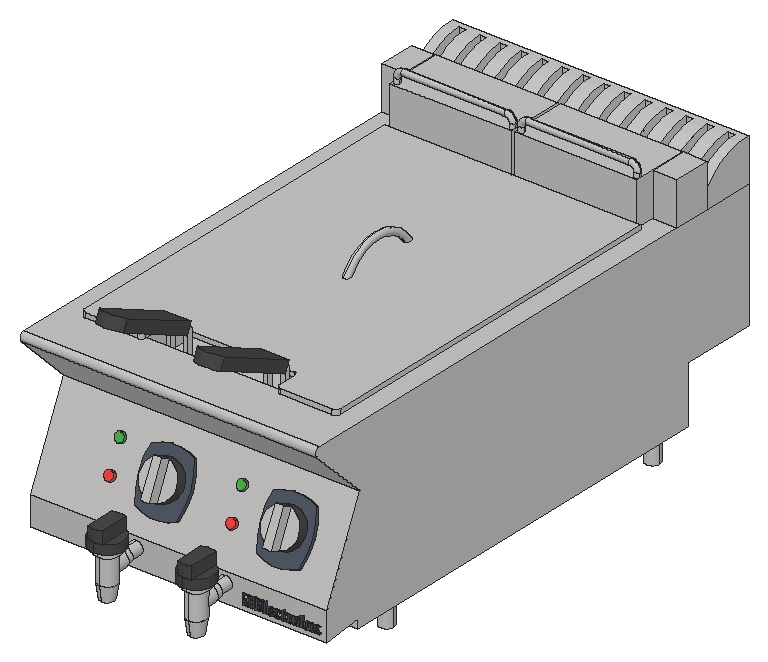
Revit family "QF_ELECTROLUXPROFESSIONAL_371139_E7FRED2A0N", category Specialty Equipment, Revit 2018
Family settings
  Round Connector Dimension = Use Diameter
  Part Type = Normal
  Work Plane-Based = No
  Always vertical = Yes
  Cut with Voids When Loaded = No
  Shared = No
  Room Calculation Point = No
Parameters
  Width = 400 mm  # constant formula
  Weight in Pounds = 44  # constant formula
  Watts = 9000 VA  # 9000 W
  Volts = 230 V  # constant formula
  URL Cutsheet = "www.electrolux.com/foodservice"
  URL = "www.electrolux.com/foodservice"
  Type Mark [instance] = ""
  Status [instance] = ""
  Specification by User [instance] = ""
  Specification by Manufacturer = ""
  Show Logo [instance] = yes
  Show Clearance [instance] = yes
  Serial Number = ""
  Seismic Rating = ""
  SMACNA No = ""
  Revision Code [instance] = ""
  Phase = 3  # constant formula
  Omniclass Number and Title = ""
  Number of Poles [instance] = 1
  NAFEM Spec ID Number = ""
  Model = "371139"
  Min Ckt Ampacity = 0 A
  Max Overcurrent Protection = 0 A
  Masterspec = ""
  Manufacturer = "ELECTROLUX"
  Item Number [instance] = ""
  Installed By [instance] = ""
  Identify Quantity as Lot [instance] = yes
  Height = 333 mm  # constant formula
  HP = "12.1 HP"
  Furnished By [instance] = ""
  Foodservice Equipment Identifier [instance] = yes
  FL Amps = if(Phase = 3, Watts / (Volts * 1.73), Watts / Volts)  # 22.6187 A
  Electrical Remarks [instance] = "230 V/3 ph/50/60 Hz"  # constant formula
  Electric Connection Type [instance] = ""
  Elec Conn RI Height [instance] = 0 mm
  Elec Conn Connection Height [instance] = 0 mm
  Direct Waste Size = 0"
  Description = "700XP Two 5 Lt. Wells Electric Fryer Top - 230V"
  Depth = 730 mm  # constant formula
  Cycle = if([60 Hertz Option], 60 Hz, 50 Hz)  # 60 Hz
  Conn Plug = ""
  Conn Conduit = yes
  CSI MasterFormat = ""
  CSI Master Format = ""
  Base Height [instance] = 25.4 mm  # constant formula
  Apparent Power = if(Phase = 3, Volts * FL Amps * 1.73, Volts * FL Amps)  # 9000 VA
  60 Hertz Option = not([50 Hertz Option])  # yes
  50 Hertz Option = no
Reference planes
  plane 1 "BACK": y = 0
  plane 2: z = 0
  plane 3 "LEFT": x = 0
  plane 4 "RIGHT": x = 400
  plane 5 "FRONT": y = -730
  plane 6 "TOP": z = 333
  plane 7 "Center Y": x = 200
  plane 8 "Center X": y = -365
  plane 9 "BASE": z = 25.4
  plane 10 "TOP A": z = 274.638
  plane 11: y = -597.884
  plane 12: y = -147.637
Forms (mm)
  Extrusion 1, solid, material "QF_Finishes_Stainless Steel"
    sketch origin (0, 0, 0) x (0, 1, 0) y (0, 0, 1)
      loop
        line (0, 274.638) -> (-725.027, 274.638)
        arc (-725.027, 274.638) -> (-730.893, 270.718) -> (-729.517, 263.797) r 6.35
        line (-729.517, 263.797) -> (-657.416, 191.447) -> (-713.522, 70.59) -> (-713.522, 32.49) -> (-660.4, 38.1) -> (-660.4, 25.4) -> (-101.6, 25.4) -> (-101.6, 103.188) -> (0, 103.188) -> (0, 274.638)
    from 0 to 400
  Extrusion 2, solid, material "QF_Finishes_Stainless Steel"
    sketch origin (0, 0, 0) x (0, 1, 0) y (0, 0, 1)
      loop
        line (0, 274.638) -> (0, 333)
        arc (0, 333) -> (-38.795, 324.72) -> (-69.85, 300.038) r 86.758
        line (-69.85, 300.038) -> (-69.85, 274.638) -> (0, 274.638)
    from 0 to 400
  Extrusion 3, solid, material "QF_Finishes_Stainless Steel"
    sketch origin (0, 0, 274.638) x (-1, 0, 0) y (0, -1, 0)
      loop
        line (0, 69.85) -> (0, 120.65) -> (-31.75, 120.65) -> (-31.75, 69.85) -> (0, 69.85)
      loop
        line (-400, 69.85) -> (-368.25, 69.85) -> (-368.25, 120.65) -> (-400, 120.65) -> (-400, 69.85)
    from 0 to 58.362
  Extrusion 4, solid, material "QF_Finishes_Stainless Steel"
    sketch origin (0, 0, 274.638) x (-1, 0, 0) y (0, -1, 0)
      loop
        line (-33.338, 69.85) -> (-33.338, 147.762) -> (-198.412, 147.762) -> (-198.412, 69.85) -> (-33.338, 69.85)
      loop
        line (-366.662, 69.85) -> (-201.587, 69.85) -> (-201.587, 147.762) -> (-366.662, 147.762) -> (-366.662, 69.85)
    from 0 to 58.362
  Extrusion 5, void
    sketch origin (0, 0, 274.638) x (-1, 0, 0) y (0, -1, 0)
      loop
        line (-33.338, 147.762) -> (-33.338, 655.762) -> (-366.662, 655.762) -> (-366.662, 147.762) -> (-33.338, 147.762)
    from 0 to -101.6
  Extrusion 6, solid, material "QF_Finishes_Stainless Steel"
    sketch origin (0, 0, 274.638) x (-1, 0, 0) y (0, -1, 0)
      loop
        arc (-26.963, 655.762) -> (-28.822, 660.252) -> (-33.313, 662.112) r 6.35
        line (-33.313, 662.112) -> (-103.163, 662.112)
        arc (-103.163, 662.112) -> (-107.653, 660.252) -> (-109.513, 655.762) r 6.35
        line (-109.513, 655.762) -> (-109.513, 630.362)
        arc (-109.513, 630.362) -> (-111.372, 625.871) -> (-115.863, 624.012) r 6.35
        line (-115.863, 624.012) -> (-284.112, 624.012)
        arc (-284.112, 624.012) -> (-288.603, 625.871) -> (-290.462, 630.362) r 6.35
        line (-290.462, 630.362) -> (-290.462, 655.762)
        arc (-290.462, 655.762) -> (-292.322, 660.252) -> (-296.812, 662.112) r 6.35
        line (-296.812, 662.112) -> (-366.662, 662.112)
        arc (-366.662, 662.112) -> (-371.153, 660.252) -> (-373.012, 655.762) r 6.35
        line (-373.012, 655.762) -> (-373.012, 147.762) -> (-26.963, 147.762) -> (-26.963, 655.762)
    from 0 to 6.35
  Sweep 7, solid, material "QF_Finishes_Stainless Steel"
    path origin (200, 0, 0) x (0, 1, 0) y (0, 0, 1)
      loop
        arc (-323.261, 274.638) -> (-377.7, 308.416) -> (-432.139, 274.638) r 60.757
    profile origin (200, -377.7, 308.416) x (0, 0, -1) y (1, 0, 0)
      loop
        circle (0, 0) r 4.353
  Sweep 8, solid, material "QF_Finishes_Stainless Steel"
    path origin (0, 0, 0) x (1, 0, 0) y (0, 0, 1)
      loop
        line (39.688, 333) -> (39.688, 339.35)
        arc (39.688, 339.35) -> (41.547, 343.84) -> (46.038, 345.7) r 6.35
        line (46.038, 345.7) -> (185.713, 345.7)
        arc (185.713, 345.7) -> (190.203, 343.84) -> (192.063, 339.35) r 6.35
        line (192.063, 339.35) -> (192.063, 333)
    profile origin (39.688, 0, 336.175) x (-1, 0, 0) y (0, -1, 0)
      loop
        circle (2.09, 140.754) r 3.827
  Sweep 9, solid, material "QF_Finishes_Stainless Steel"
    path origin (400.05, 0, 0) x (-1, 0, 0) y (0, 0, 1)
      loop
        line (39.738, 333) -> (39.738, 339.35)
        arc (39.738, 339.35) -> (41.597, 343.84) -> (46.088, 345.7) r 6.35
        line (46.088, 345.7) -> (185.762, 345.7)
        arc (185.762, 345.7) -> (190.253, 343.84) -> (192.112, 339.35) r 6.35
        line (192.112, 339.35) -> (192.113, 333)
    profile origin (360.312, 0, 336.175) x (-1, 0, 0) y (0, -1, 0)
      loop
        circle (-2.09, 140.754) r 3.827
  Extrusion 10, void
    sketch origin (0, 0, 274.638) x (-1, 0, 0) y (0, -1, 0)
      loop
        line (-13.453, 6.761) -> (-13.453, 63.911) -> (-22.749, 63.911) -> (-22.749, 6.761) -> (-13.453, 6.761)
    from 25.4 to 63.5
  Extrusion 11, void
    sketch origin (400.05, 0, 274.638) x (1, 0, 0) y (0, 1, 0)
      loop
        line (-13.503, -6.761) -> (-22.799, -6.761) -> (-22.799, -63.911) -> (-13.503, -63.911) -> (-13.503, -6.761)
    from 25.4 to 63.5
  Extrusion 12, void
    sketch origin (27.988, 0, 274.638) x (-1, 0, 0) y (0, -1, 0)
      loop
        line (-13.453, 6.761) -> (-13.453, 63.911) -> (-22.749, 63.911) -> (-22.749, 6.761) -> (-13.453, 6.761)
    from 25.4 to 63.5
  Extrusion 13, void
    sketch origin (55.977, 0, 274.638) x (-1, 0, 0) y (0, -1, 0)
      loop
        line (-13.453, 6.761) -> (-13.453, 63.911) -> (-22.749, 63.911) -> (-22.749, 6.761) -> (-13.453, 6.761)
    from 25.4 to 63.5
  Extrusion 14, void
    sketch origin (83.965, 0, 274.638) x (-1, 0, 0) y (0, -1, 0)
      loop
        line (-13.428, 6.761) -> (-13.428, 63.911) -> (-22.724, 63.911) -> (-22.724, 6.761) -> (-13.428, 6.761)
    from 25.4 to 63.5
  Extrusion 15, void
    sketch origin (111.953, 0, 274.638) x (-1, 0, 0) y (0, -1, 0)
      loop
        line (-13.428, 6.761) -> (-13.428, 63.911) -> (-22.724, 63.911) -> (-22.724, 6.761) -> (-13.428, 6.761)
    from 25.4 to 63.5
  Extrusion 16, void
    sketch origin (139.942, 0, 274.638) x (-1, 0, 0) y (0, -1, 0)
      loop
        line (-13.428, 6.761) -> (-13.428, 63.911) -> (-22.724, 63.911) -> (-22.724, 6.761) -> (-13.428, 6.761)
    from 25.4 to 63.5
  Extrusion 17, void
    sketch origin (167.93, 0, 274.638) x (-1, 0, 0) y (0, -1, 0)
      loop
        line (-13.428, 6.761) -> (-13.428, 63.911) -> (-22.724, 63.911) -> (-22.724, 6.761) -> (-13.428, 6.761)
    from 25.4 to 63.5
  Extrusion 18, void
    sketch origin (195.918, 0, 274.638) x (-1, 0, 0) y (0, -1, 0)
      loop
        line (-13.428, 6.761) -> (-13.428, 63.911) -> (-22.724, 63.911) -> (-22.724, 6.761) -> (-13.428, 6.761)
    from 25.4 to 63.5
  Extrusion 19, void
    sketch origin (223.907, 0, 274.638) x (-1, 0, 0) y (0, -1, 0)
      loop
        line (-13.428, 6.761) -> (-13.428, 63.911) -> (-22.724, 63.911) -> (-22.724, 6.761) -> (-13.428, 6.761)
    from 25.4 to 63.5
  Extrusion 20, void
    sketch origin (251.895, 0, 274.638) x (-1, 0, 0) y (0, -1, 0)
      loop
        line (-13.428, 6.761) -> (-13.428, 63.911) -> (-22.724, 63.911) -> (-22.724, 6.761) -> (-13.428, 6.761)
    from 25.4 to 63.5
  Extrusion 21, void
    sketch origin (279.884, 0, 274.638) x (-1, 0, 0) y (0, -1, 0)
      loop
        line (-13.403, 6.761) -> (-13.403, 63.911) -> (-22.699, 63.911) -> (-22.699, 6.761) -> (-13.403, 6.761)
    from 25.4 to 63.5
  Extrusion 22, void
    sketch origin (307.872, 0, 274.638) x (-1, 0, 0) y (0, -1, 0)
      loop
        line (-13.403, 6.761) -> (-13.403, 63.911) -> (-22.699, 63.911) -> (-22.699, 6.761) -> (-13.403, 6.761)
    from 25.4 to 63.5
  Extrusion 23, void
    sketch origin (335.86, 0, 274.638) x (-1, 0, 0) y (0, -1, 0)
      loop
        line (-13.403, 6.761) -> (-13.403, 63.911) -> (-22.699, 63.911) -> (-22.699, 6.761) -> (-13.403, 6.761)
    from 25.4 to 63.5
  Extrusion 24, solid, material "QF_Finishes_Stainless Steel"
    sketch origin (0, 0, 0) x (1, 0, 0) y (0, 1, 0)
      loop
        circle (11.112, -147.638) r 9.525
      loop
        circle (11.112, -597.884) r 9.525
      loop
        circle (388.887, -147.638) r 9.525
      loop
        circle (388.887, -597.884) r 9.525
    from 0 to 25.4
  Extrusion 25, solid, material "QF_Finishes_Black"
    sketch origin (200.025, -750.105, 354.328) x (0, 0.906308, -0.422618) y (-1, 0, 0)
      loop
        line (10.103, 47.345) -> (128.716, 47.345) -> (128.716, 84.58) -> (10.103, 84.58)
        arc (10.103, 84.58) -> (-0.124, 65.962) -> (10.103, 47.345) r 22.059
    from -15.884 to 0
  Extrusion 26, solid, material "QF_Finishes_Stainless Steel"
    sketch origin (200, 0, 0) x (0, 1, 0) y (0, 0, 1)
      loop
        line (-635.377, 295.794) -> (-638.233, 289.67) -> (-633.536, 284.973) -> (-633.536, 165.638) -> (-627.186, 165.638) -> (-627.186, 287.603) -> (-635.377, 295.794)
    from -80.476 to -74.619
  Extrusion 27, solid, material "QF_Finishes_Stainless Steel"
    sketch origin (68.151, 0, 0) x (0, 1, 0) y (0, 0, -1)
      loop
        line (-635.377, -295.794) -> (-627.186, -287.603) -> (-627.186, -165.638) -> (-633.536, -165.638) -> (-633.536, -284.973) -> (-638.233, -289.67) -> (-635.377, -295.794)
    from -80.476 to -74.619
  Extrusion 28, solid, material "QF_Finishes_Black"
    sketch origin (200.025, -750.105, 354.328) x (0, 0.906308, -0.422618) y (-1, 0, 0)
      loop
        arc (10.103, -47.295) -> (-0.124, -65.912) -> (10.103, -84.53) r 22.059
        line (10.103, -84.53) -> (128.716, -84.53) -> (128.716, -47.295) -> (10.103, -47.295)
    from -15.884 to 0
  Extrusion 29, solid, material "QF_Finishes_Stainless Steel"
    sketch origin (200.025, 0, 0) x (0, 1, 0) y (0, 0, -1)
      loop
        line (-635.377, -295.794) -> (-627.186, -287.603) -> (-627.186, -165.638) -> (-633.536, -165.638) -> (-633.536, -284.973) -> (-638.233, -289.67) -> (-635.377, -295.794)
    from -80.476 to -74.619
  Extrusion 30, solid, material "QF_Finishes_Stainless Steel"
    sketch origin (331.899, 0, 0) x (0, 1, 0) y (0, 0, 1)
      loop
        line (-635.377, 295.794) -> (-638.233, 289.67) -> (-633.536, 284.973) -> (-633.536, 165.638) -> (-627.186, 165.638) -> (-627.186, 287.603) -> (-635.377, 295.794)
    from -80.476 to -74.619
  Extrusion 31, solid, material "QF_Finishes_Navy Blue"
    sketch origin (0, -713.522, 70.59) x (0, 0.421077, 0.907025) y (-1, 0, 0)
      loop
        arc (101.077, -297.665) -> (66.2, -290.648) -> (31.333, -297.71) r 89.894
        arc (31.333, -297.71) -> (24.638, -326.24) -> (31.333, -354.771) r 64.14
        arc (31.333, -354.771) -> (66.2, -361.833) -> (101.077, -354.815) r 89.894
        arc (101.077, -354.815) -> (107.792, -326.24) -> (101.077, -297.665) r 64.16
      loop
        arc (101.077, -132.565) -> (66.2, -125.548) -> (31.333, -132.61) r 89.894
        arc (31.333, -132.61) -> (24.638, -161.14) -> (31.333, -189.671) r 64.14
        arc (31.333, -189.671) -> (66.2, -196.736) -> (101.077, -189.715) r 89.853
        arc (101.077, -189.715) -> (107.792, -161.14) -> (101.077, -132.565) r 64.16
    from 0 to 3.175
  Extrusion 32, solid, material "QF_Finishes_Stainless Steel"
    sketch origin (0, -716.402, 71.927) x (0, 0.421077, 0.907025) y (-1, 0, 0)
      loop
        circle (68.826, -326.063) r 25.4
      loop
        circle (68.826, -160.963) r 25.4
    from 0 to 12.7
  Extrusion 33, solid, material "QF_Finishes_Stainless Steel"
    sketch origin (0, -727.921, 77.275) x (0, 0.421077, 0.907025) y (-1, 0, 0)
      loop
        arc (93.558, -331.849) -> (94.226, -326.063) -> (93.558, -320.277) r 25.4
        line (93.558, -320.277) -> (44.094, -320.277)
        arc (44.094, -320.277) -> (43.426, -326.063) -> (44.094, -331.849) r 25.4
        line (44.094, -331.849) -> (93.558, -331.849)
      loop
        arc (93.558, -166.749) -> (94.226, -160.963) -> (93.558, -155.177) r 25.4
        line (93.558, -155.177) -> (44.094, -155.177)
        arc (44.094, -155.177) -> (43.426, -160.963) -> (44.094, -166.749) r 25.4
        line (44.094, -166.749) -> (93.558, -166.749)
    from 0 to 12.7
  Extrusion 34, solid, material "QF_Finishes_Green"
    sketch origin (0, -713.522, 70.59) x (0, 0.421077, 0.907025) y (-1, 0, 0)
      loop
        circle (93.566, -255.898) r 6.35
      loop
        circle (93.566, -90.848) r 6.35
    from 0 to 3.175
  Extrusion 35, solid, material "QF_Finishes_Red"
    sketch origin (0, -713.522, 70.59) x (0, 0.421077, 0.907025) y (-1, 0, 0)
      loop
        circle (50.809, -255.898) r 6.35
      loop
        circle (50.809, -90.848) r 6.35
    from 0 to 3.175
  Revolve 36, solid, material "QF_Finishes_Stainless Steel"
    sketch origin (142.875, 0, 0) x (0, 1, 0) y (0, 0, 1)
      loop
        line (-762.926, 17.277) -> (-753.917, 17.277) -> (-750.301, 37.788) -> (-750.301, 74.129) -> (-747.023, 74.129) -> (-747.023, 82.008) -> (-740.673, 82.008) -> (-740.673, 94.708) -> (-762.926, 94.708) -> (-762.926, 17.277)
      axis (-762.926, 17.277) -> (-762.926, 94.708)
    angle from 0 to 360
  Revolve 37, solid, material "QF_Finishes_Stainless Steel"
    sketch origin (142.875, 0, 0) x (0, 1, 0) y (0, 0, 1)
      loop
        line (-713.522, 57.15) -> (-764.322, 57.15) -> (-764.322, 44.847) -> (-742.357, 44.847) -> (-742.357, 46.549) -> (-733.364, 46.549) -> (-733.364, 48.596) -> (-713.522, 48.596) -> (-713.522, 57.15)
      axis (-764.322, 57.15) -> (-713.522, 57.15)
    angle from 0 to 360
  Revolve 38, solid, material "QF_Finishes_Stainless Steel"
    sketch origin (263.525, 0, 0) x (0, 1, 0) y (0, 0, 1)
      loop
        line (-762.926, 17.277) -> (-753.917, 17.277) -> (-750.301, 37.788) -> (-750.301, 74.129) -> (-747.023, 74.129) -> (-747.023, 82.008) -> (-740.673, 82.008) -> (-740.673, 94.708) -> (-762.926, 94.708) -> (-762.926, 17.277)
      axis (-762.926, 17.277) -> (-762.926, 94.708)
    angle from 0 to 360
  Revolve 39, solid, material "QF_Finishes_Stainless Steel"
    sketch origin (263.525, 0, 0) x (0, 1, 0) y (0, 0, 1)
      loop
        line (-713.522, 57.15) -> (-764.322, 57.15) -> (-764.322, 44.847) -> (-742.357, 44.847) -> (-742.357, 46.549) -> (-733.364, 46.549) -> (-733.364, 48.596) -> (-713.522, 48.596) -> (-713.522, 57.15)
      axis (-764.322, 57.15) -> (-713.522, 57.15)
    angle from 0 to 360
  Extrusion 40, solid, material "QF_Finishes_Black"
    sketch origin (142.875, -762.926, 94.708) x (0, 1, 0) y (-1, 0, 0)
      loop
        line (20.063, 9.626) -> (-20.063, 9.626)
        arc (-20.063, 9.626) -> (-22.253, 0) -> (-20.063, -9.626) r 22.253
        line (-20.063, -9.626) -> (20.063, -9.626)
        arc (20.063, -9.626) -> (22.253, 0) -> (20.063, 9.626) r 22.253
      loop
        line (20.063, -111.024) -> (-20.063, -111.024)
        arc (-20.063, -111.024) -> (-22.253, -120.65) -> (-20.063, -130.276) r 22.253
        line (-20.063, -130.276) -> (20.063, -130.276)
        arc (20.063, -130.276) -> (22.253, -120.65) -> (20.063, -111.024) r 22.253
    from 0 to 16.412
  Extrusion 41, solid, material "QF_Finishes_Stainless Steel"
    sketch origin (0, -101.6, 103.188) x (0, 0, -1) y (-1, 0, 0)
      loop
        circle (43.882, -62.029) r 12.7
    from 0 to 12.7
  Extrusion 42, solid, material "QF_Finishes_Clearance", visible <- "Show Clearance", detail levels coarse
    sketch origin (0, 0, 0) x (1, 0, 0) y (0, 1, 0)
      loop
        line (0, -731.377) -> (0, 0) -> (400, 0) -> (400, -731.377) -> (550.019, -731.377) -> (550.019, 150.019) -> (-150.019, 150.019) -> (-150.019, -731.377) -> (0, -731.377)
    from 0 to 333
  Extrusion 43, solid, material "QF_Finishes_Navy Blue", visible <- "Show Logo"
    sketch origin (0, -713.772, 32.49) x (0, 0, 1) y (-1, 0, 0)
      loop
        line (20.674, -296.698) -> (8.307, -296.698)
        arc (8.307, -296.698) -> (14.491, -301.27) -> (20.674, -296.698) r 6.467
      loop
        arc (20.674, -296.069) -> (19.505, -290.926) -> (14.849, -288.448) r 6.338
        line (14.849, -288.448) -> (14.849, -290.494)
        arc (14.849, -290.494) -> (16.333, -294.149) -> (19.778, -296.069) r 5.941
        line (19.778, -296.069) -> (20.674, -296.069)
      loop
        arc (9.203, -296.069) -> (12.648, -294.149) -> (14.132, -290.494) r 5.941
        line (14.132, -290.494) -> (14.132, -288.448)
        arc (14.132, -288.448) -> (9.438, -290.922) -> (8.148, -296.069) r 6.504
        line (8.148, -296.069) -> (9.203, -296.069)
      loop
        line (21.349, -287.979) -> (7.604, -287.979) -> (7.604, -301.742) -> (21.349, -301.742) -> (21.349, -287.979)
      loop
        arc (21.432, -304.71) -> (21.085, -304.352) -> (20.718, -304.69) r 0.358
        arc (20.718, -304.69) -> (20.404, -305.44) -> (19.687, -305.825) r 1.216
        line (19.687, -305.825) -> (9.274, -305.825)
        arc (9.274, -305.825) -> (8.614, -305.548) -> (8.218, -304.951) r 1.238
        arc (8.218, -304.951) -> (7.823, -304.7) -> (7.518, -305.054) r 0.358
        line (7.518, -305.054) -> (7.518, -314.933) -> (10.269, -314.933) -> (10.269, -314.036)
        arc (10.269, -314.036) -> (9.36, -313.456) -> (8.904, -312.479) r 1.928
        line (8.904, -312.479) -> (8.904, -309.98)
        arc (8.904, -309.98) -> (9.18, -309.251) -> (9.868, -308.887) r 1.101
        line (9.868, -308.887) -> (13.955, -308.887) -> (13.955, -312.561)
        arc (13.955, -312.561) -> (13.602, -313.058) -> (13.037, -313.286) r 1.083
        arc (13.037, -313.286) -> (12.773, -313.591) -> (13.065, -313.869) r 0.292
        line (13.065, -313.869) -> (16.028, -313.869)
        arc (16.028, -313.869) -> (16.33, -313.596) -> (16.092, -313.266) r 0.305
        arc (16.092, -313.266) -> (15.601, -313.018) -> (15.296, -312.561) r 1.083
        line (15.296, -312.561) -> (15.296, -308.887) -> (19.973, -308.887) -> (19.973, -312.635)
        arc (19.973, -312.635) -> (19.759, -313.39) -> (19.153, -313.888) r 1.314
        arc (19.153, -313.888) -> (18.934, -314.292) -> (19.288, -314.585) r 0.361
        line (19.288, -314.585) -> (21.432, -314.585) -> (21.432, -304.71)
      loop
        arc (20.715, -315.365) -> (20.335, -316.284) -> (19.416, -316.664) r 1.299
        line (19.416, -316.664) -> (9.837, -316.664)
        arc (9.837, -316.664) -> (8.999, -316.286) -> (8.728, -315.408) r 1.118
        line (8.728, -315.408) -> (7.518, -315.408) -> (7.518, -320.758) -> (8.706, -320.758)
        arc (8.706, -320.758) -> (8.978, -319.841) -> (9.848, -319.445) r 1.153
        line (9.848, -319.445) -> (21.92, -319.445) -> (20.715, -315.365)
      loop
        line (12.483, -323.394) -> (12.483, -329.842) -> (13.282, -329.842)
        arc (13.282, -329.842) -> (15.862, -328.857) -> (17.131, -326.404) r 3.874
        line (17.131, -326.404) -> (17.131, -324.643)
        arc (17.131, -324.643) -> (15.944, -321.778) -> (13.08, -320.592) r 4.051
        line (13.08, -320.592) -> (11.072, -320.592)
        arc (11.072, -320.592) -> (8.253, -322.077) -> (7.202, -325.084) r 4.352
        arc (7.202, -325.084) -> (7.566, -327.547) -> (8.943, -329.621) r 5.713
        line (8.943, -329.621) -> (9.892, -329.621)
        arc (9.892, -329.621) -> (9.16, -328.052) -> (8.943, -326.334) r 5.579
        arc (8.943, -326.334) -> (9.737, -324.371) -> (11.616, -323.394) r 3.057
        line (11.616, -323.394) -> (12.483, -323.394)
      loop
        line (13.742, -323.394) -> (13.742, -326.977)
        arc (13.742, -326.977) -> (15.199, -327.024) -> (16.082, -325.864) r 1.59
        line (16.082, -325.864) -> (16.082, -325.034)
        arc (16.082, -325.034) -> (15.217, -323.779) -> (13.742, -323.394) r 2.184
      loop
        arc (16.533, -339.259) -> (17.022, -337.585) -> (17.179, -335.848) r 9.023
        line (17.179, -335.848) -> (17.179, -334.486)
        arc (17.179, -334.486) -> (16.02, -331.686) -> (13.22, -330.527) r 3.959
        line (13.22, -330.527) -> (10.62, -330.527)
        arc (10.62, -330.527) -> (8.338, -331.819) -> (7.221, -334.192) r 4.331
        line (7.221, -334.192) -> (7.221, -336.327)
        arc (7.221, -336.327) -> (7.729, -337.877) -> (8.651, -339.223) r 5.772
        arc (8.651, -339.223) -> (9.412, -339.274) -> (9.499, -338.515) r 0.553
        arc (9.499, -338.515) -> (9.111, -337.781) -> (8.977, -336.962) r 2.573
        line (8.977, -336.962) -> (8.977, -335.447)
        arc (8.977, -335.447) -> (9.983, -333.806) -> (11.798, -333.163) r 2.884
        line (11.798, -333.163) -> (13.077, -333.163)
        arc (13.077, -333.163) -> (14.898, -333.723) -> (15.824, -335.388) r 2.554
        line (15.824, -335.388) -> (15.824, -336.441)
        arc (15.824, -336.441) -> (15.493, -337.369) -> (14.836, -338.104) r 2.564
        arc (14.836, -338.104) -> (14.614, -338.821) -> (15.223, -339.259) r 0.643
        line (15.223, -339.259) -> (16.533, -339.259)
      loop
        line (15.515, -339.53) -> (15.515, -341.031) -> (9.467, -341.031)
        arc (9.467, -341.031) -> (7.879, -341.688) -> (7.221, -343.276) r 2.246
        line (7.221, -343.276) -> (7.221, -344.86)
        arc (7.221, -344.86) -> (7.535, -345.725) -> (8.035, -346.496) r 4.06
        arc (8.035, -346.496) -> (8.768, -346.629) -> (9.019, -345.928) r 0.576
        arc (9.019, -345.928) -> (8.913, -345.403) -> (8.977, -344.87) r 1.69
        arc (8.977, -344.87) -> (9.519, -344.082) -> (10.425, -343.779) r 1.506
        line (10.425, -343.779) -> (15.563, -343.779) -> (15.563, -346.176) -> (16.119, -346.733) -> (16.941, -346.733) -> (16.941, -343.873) -> (20.172, -343.873) -> (15.515, -339.53)
      loop
        line (7.438, -347.63) -> (7.438, -353.017) -> (8.548, -353.017)
        arc (8.548, -353.017) -> (8.942, -352.066) -> (9.893, -351.672) r 1.345
        line (9.893, -351.672) -> (13.509, -351.672)
        arc (13.509, -351.672) -> (14.274, -352.264) -> (14.564, -353.186) r 1.615
        line (14.564, -353.186) -> (14.564, -354.742) -> (17.119, -355.427) -> (17.119, -354.044) -> (15.177, -351.485) -> (17.057, -351.485) -> (16.773, -348.779)
        arc (16.773, -348.779) -> (16.333, -348.249) -> (15.674, -348.45) r 0.621
        arc (15.674, -348.45) -> (15.274, -348.792) -> (14.78, -348.975) r 1.501
        line (14.78, -348.975) -> (9.893, -348.975)
        arc (9.893, -348.975) -> (8.942, -348.581) -> (8.548, -347.63) r 1.345
        line (8.548, -347.63) -> (7.438, -347.63)
      loop
        line (13.54, -354.964) -> (10.848, -354.964)
        arc (10.848, -354.964) -> (8.403, -356.272) -> (7.269, -358.803) r 4.288
        arc (7.269, -358.803) -> (7.205, -360.183) -> (7.269, -361.563) r 15.022
        arc (7.269, -361.563) -> (8.403, -364.094) -> (10.848, -365.401) r 4.288
        line (10.848, -365.401) -> (13.54, -365.401)
        arc (13.54, -365.401) -> (15.986, -364.094) -> (17.119, -361.563) r 4.288
        arc (17.119, -361.563) -> (17.183, -360.183) -> (17.119, -358.803) r 15.022
        arc (17.119, -358.803) -> (15.986, -356.272) -> (13.54, -354.964) r 4.288
      loop
        line (13.745, -358.078) -> (10.643, -358.078)
        arc (10.643, -358.078) -> (8.486, -360.235) -> (10.643, -362.392) r 2.157
        line (10.643, -362.392) -> (13.745, -362.392)
        arc (13.745, -362.392) -> (15.902, -360.235) -> (13.745, -358.078) r 2.157
      loop
        arc (20.726, -365.26) -> (20.355, -366.154) -> (19.461, -366.524) r 1.264
        line (19.461, -366.524) -> (9.597, -366.524)
        arc (9.597, -366.524) -> (8.727, -366.127) -> (8.455, -365.211) r 1.153
        line (8.455, -365.211) -> (7.518, -365.211) -> (7.518, -370.319) -> (8.446, -370.319)
        arc (8.446, -370.319) -> (8.805, -369.547) -> (9.597, -369.232) r 1.153
        line (9.597, -369.232) -> (21.92, -369.232) -> (20.726, -365.26)
      loop
        arc (15.846, -369.857) -> (15.647, -370.921) -> (14.678, -371.403) r 1.215
        line (14.678, -371.403) -> (9.658, -371.403)
        arc (9.658, -371.403) -> (8.043, -372.051) -> (7.322, -373.634) r 2.338
        line (7.322, -373.634) -> (7.322, -375.148)
        arc (7.322, -375.148) -> (7.497, -376.152) -> (7.999, -377.038) r 2.979
        line (7.999, -377.038) -> (7.518, -378.835) -> (7.518, -380.524) -> (16.943, -380.524) -> (16.649, -376.32) -> (15.863, -376.32)
        arc (15.863, -376.32) -> (15.507, -377.156) -> (14.755, -377.665) r 1.605
        line (14.755, -377.665) -> (9.652, -377.665)
        arc (9.652, -377.665) -> (9.232, -376.728) -> (9.159, -375.704) r 2.94
        arc (9.159, -375.704) -> (9.72, -374.603) -> (10.873, -374.16) r 1.724
        line (10.873, -374.16) -> (17.07, -374.16) -> (15.846, -369.857)
      loop
        line (16.874, -381.377) -> (15.202, -383.423) -> (12.028, -385.729) -> (8.572, -382.617)
        arc (8.572, -382.617) -> (8.335, -382.223) -> (8.357, -381.764) r 0.789
        line (8.357, -381.764) -> (7.518, -381.764) -> (7.518, -385.309) -> (8.344, -385.309)
        arc (8.344, -385.309) -> (8.686, -384.947) -> (9.176, -385.039) r 0.52
        line (9.176, -385.039) -> (10.976, -386.51) -> (8.858, -387.886)
        arc (8.858, -387.886) -> (8.457, -387.576) -> (8.37, -387.076) r 0.7
        line (8.37, -387.076) -> (7.518, -387.076) -> (7.518, -393.003) -> (8.405, -393.003)
        arc (8.405, -393.003) -> (8.472, -392.344) -> (8.866, -391.813) r 1.247
        line (8.866, -391.813) -> (13.066, -388.532) -> (15.513, -390.585) -> (16.874, -392.327) -> (16.874, -388.604) -> (15.389, -389.026) -> (13.868, -387.749) -> (15.568, -386.559) -> (16.874, -387.336) -> (16.874, -381.377)
    from 0 to 1.644
Cuts and joins
  Extrusion 5, Extrusion 10 cuts Extrusion 1
  Extrusion 5 cuts Extrusion 4
  joined: Extrusion 6, Sweep 7
  Extrusion 10, Extrusion 11, Extrusion 12, Extrusion 13, Extrusion 14, Extrusion 15, Extrusion 16, Extrusion 17, Extrusion 18, Extrusion 19, Extrusion 20, Extrusion 21, Extrusion 22, Extrusion 23 cuts Extrusion 2
  joined: Extrusion 32, Extrusion 33
Lines and regions (mm)
  symbolic lines, style "QF-Clearances", visible <- "Show Clearance", detail levels coarse
    curve 1: line (-150.019, 150.019, 274.638) -> (-150.019, -731.377, 274.638)
    curve 2: line (550.019, 150.019, 274.638) -> (-150.019, 150.019, 274.638)
    curve 3: line (550.019, -731.377, 274.638) -> (550.019, 150.019, 274.638)
  symbolic lines
    curve 4: line (0, 0, 274.638) -> (400, 0, 274.638)
    curve 5: line (0, -729.517, 274.638) -> (0, 0, 274.638)
    curve 6: line (400, -729.517, 274.638) -> (284.555, -729.517, 274.638)
    curve 7: line (400, 0, 274.638) -> (400, -729.517, 274.638)
    curve 8: line (22.724, -6.761, 274.638) -> (22.724, -63.911, 274.638)
    curve 9: line (22.724, -63.911, 274.638) -> (13.428, -63.911, 274.638)
    curve 10: line (13.428, -63.911, 274.638) -> (13.428, -6.761, 274.638)
    curve 11: line (13.428, -6.761, 274.638) -> (22.724, -6.761, 274.638)
    curve 12: line (386.547, -6.761, 274.638) -> (386.547, -63.911, 274.638)
    curve 13: line (386.547, -63.911, 274.638) -> (377.251, -63.911, 274.638)
    curve 14: line (377.251, -63.911, 274.638) -> (377.251, -6.761, 274.638)
    curve 15: line (377.251, -6.761, 274.638) -> (386.547, -6.761, 274.638)
    curve 16: line (50.712, -6.761, 274.638) -> (50.712, -63.911, 274.638)
    curve 17: line (50.712, -63.911, 274.638) -> (41.416, -63.911, 274.638)
    curve 18: line (41.416, -63.911, 274.638) -> (41.416, -6.761, 274.638)
    curve 19: line (41.416, -6.761, 274.638) -> (50.712, -6.761, 274.638)
    curve 20: line (78.7, -6.761, 274.638) -> (78.7, -63.911, 274.638)
    curve 21: line (78.7, -63.911, 274.638) -> (69.405, -63.911, 274.638)
    curve 22: line (69.405, -63.911, 274.638) -> (69.405, -6.761, 274.638)
    curve 23: line (69.405, -6.761, 274.638) -> (78.7, -6.761, 274.638)
    curve 24: line (106.689, -6.761, 274.638) -> (106.689, -63.911, 274.638)
    curve 25: line (106.689, -63.911, 274.638) -> (97.393, -63.911, 274.638)
    curve 26: line (97.393, -63.911, 274.638) -> (97.393, -6.761, 274.638)
    curve 27: line (97.393, -6.761, 274.638) -> (106.689, -6.761, 274.638)
    curve 28: line (134.677, -6.761, 274.638) -> (134.677, -63.911, 274.638)
    curve 29: line (134.677, -63.911, 274.638) -> (125.381, -63.911, 274.638)
    curve 30: line (125.381, -63.911, 274.638) -> (125.381, -6.761, 274.638)
    curve 31: line (125.381, -6.761, 274.638) -> (134.677, -6.761, 274.638)
    curve 32: line (162.665, -6.761, 274.638) -> (162.665, -63.911, 274.638)
    curve 33: line (162.665, -63.911, 274.638) -> (153.37, -63.911, 274.638)
    curve 34: line (153.37, -63.911, 274.638) -> (153.37, -6.761, 274.638)
    curve 35: line (153.37, -6.761, 274.638) -> (162.665, -6.761, 274.638)
    curve 36: line (190.654, -6.761, 274.638) -> (190.654, -63.911, 274.638)
    curve 37: line (190.654, -63.911, 274.638) -> (181.358, -63.911, 274.638)
    curve 38: line (181.358, -63.911, 274.638) -> (181.358, -6.761, 274.638)
    curve 39: line (181.358, -6.761, 274.638) -> (190.654, -6.761, 274.638)
    curve 40: line (218.642, -6.761, 274.638) -> (218.642, -63.911, 274.638)
    curve 41: line (218.642, -63.911, 274.638) -> (209.346, -63.911, 274.638)
    curve 42: line (209.346, -63.911, 274.638) -> (209.346, -6.761, 274.638)
    curve 43: line (209.346, -6.761, 274.638) -> (218.642, -6.761, 274.638)
    curve 44: line (246.605, -6.761, 274.638) -> (246.605, -63.911, 274.638)
    curve 45: line (246.605, -63.911, 274.638) -> (237.31, -63.911, 274.638)
    curve 46: line (237.31, -63.911, 274.638) -> (237.31, -6.761, 274.638)
    curve 47: line (237.31, -6.761, 274.638) -> (246.605, -6.761, 274.638)
    curve 48: line (274.594, -6.761, 274.638) -> (274.594, -63.911, 274.638)
    curve 49: line (274.594, -63.911, 274.638) -> (265.298, -63.911, 274.638)
    curve 50: line (265.298, -63.911, 274.638) -> (265.298, -6.761, 274.638)
    curve 51: line (265.298, -6.761, 274.638) -> (274.594, -6.761, 274.638)
    curve 52: line (302.582, -6.761, 274.638) -> (302.582, -63.911, 274.638)
    curve 53: line (302.582, -63.911, 274.638) -> (293.286, -63.911, 274.638)
    curve 54: line (293.286, -63.911, 274.638) -> (293.286, -6.761, 274.638)
    curve 55: line (293.286, -6.761, 274.638) -> (302.582, -6.761, 274.638)
    curve 56: line (330.57, -6.761, 274.638) -> (330.57, -63.911, 274.638)
    curve 57: line (330.57, -63.911, 274.638) -> (321.275, -63.911, 274.638)
    curve 58: line (321.275, -63.911, 274.638) -> (321.275, -6.761, 274.638)
    curve 59: line (321.275, -6.761, 274.638) -> (330.57, -6.761, 274.638)
    curve 60: line (358.559, -6.761, 274.638) -> (358.559, -63.911, 274.638)
    curve 61: line (358.559, -63.911, 274.638) -> (349.263, -63.911, 274.638)
    curve 62: line (349.263, -63.911, 274.638) -> (349.263, -6.761, 274.638)
    curve 63: line (349.263, -6.761, 274.638) -> (358.559, -6.761, 274.638)
    curve 64: line (26.963, -147.762, 274.638) -> (26.963, -655.737, 274.638)
    curve 65: arc (26.963, -655.737, 274.638) -> (28.83, -660.244, 274.638) -> (33.338, -662.112, 274.638) r 6.375
    curve 66: line (33.338, -662.112, 274.638) -> (103.163, -662.112, 274.638)
    curve 67: arc (103.163, -662.112, 274.638) -> (107.653, -660.252, 274.638) -> (109.513, -655.762, 274.638) r 6.35
    curve 68: line (109.513, -655.762, 274.638) -> (109.513, -630.362, 274.638)
    curve 69: arc (109.513, -630.362, 274.638) -> (111.372, -625.871, 274.638) -> (115.863, -624.012, 274.638) r 6.35
    curve 70: line (115.863, -624.012, 274.638) -> (284.112, -624.012, 274.638)
    curve 71: arc (284.112, -624.012, 274.638) -> (288.603, -625.871, 274.638) -> (290.462, -630.362, 274.638) r 6.35
    curve 72: line (290.462, -630.362, 274.638) -> (290.462, -655.762, 274.638)
    curve 73: arc (290.462, -655.762, 274.638) -> (292.322, -660.252, 274.638) -> (296.812, -662.112, 274.638) r 6.35
    curve 74: line (296.812, -662.112, 274.638) -> (366.662, -662.112, 274.638)
    curve 75: arc (366.662, -662.112, 274.638) -> (371.153, -660.252, 274.638) -> (373.012, -655.762, 274.638) r 6.35
    curve 76: line (373.012, -655.762, 274.638) -> (373.012, -147.762, 274.638)
    curve 77: line (373.012, -147.762, 274.638) -> (26.963, -147.762, 274.638)
    curve 78: line (0, -120.65, 274.638) -> (31.725, -120.65, 274.638)
    curve 79: line (31.725, -120.65, 274.638) -> (31.725, -69.85, 274.638)
    curve 80: line (31.725, -69.85, 274.638) -> (0, -69.85, 274.638)
    curve 81: line (0, -69.85, 274.638) -> (0, -120.65, 274.638)
    curve 82: line (0, -69.85, 274.638) -> (400, -69.85, 274.638)
    curve 83: line (33.312, -69.85, 274.638) -> (33.312, -147.762, 274.638)
    curve 84: line (198.412, -147.762, 274.638) -> (198.412, -69.85, 274.638)
    curve 85: line (201.587, -69.85, 274.638) -> (201.587, -147.762, 274.638)
    curve 86: line (201.587, -147.762, 274.638) -> (366.662, -147.762, 274.638)
    curve 87: line (33.312, -147.762, 274.638) -> (198.412, -147.762, 274.638)
    curve 88: line (366.662, -147.762, 274.638) -> (366.662, -69.85, 274.638)
    curve 89: line (368.25, -69.85, 274.638) -> (368.25, -120.65, 274.638)
    curve 90: line (368.25, -120.65, 274.638) -> (400, -120.65, 274.638)
    curve 91: line (284.555, -747.411, 274.638) -> (284.555, -633.449, 274.638)
    curve 92: line (284.555, -633.449, 274.638) -> (247.32, -633.449, 274.638)
    curve 93: line (247.32, -633.449, 274.638) -> (247.32, -747.411, 274.638)
    curve 94: spline (284.555, -747.411, 274.638) -> (282.322, -750.073, 274.638) -> (279.632, -752.361, 274.638) -> (276.558, -754.21, 274.638) -> (273.187, -755.569, 274.638) -> (269.614, -756.4, 274.638) -> (265.937, -756.68, 274.638) -> (262.261, -756.4, 274.638) -> (258.687, -755.569, 274.638) -> (255.316, -754.21, 274.638) -> (252.243, -752.361, 274.638) -> (249.552, -750.073, 274.638) -> (247.32, -747.411, 274.638)
    curve 95: line (152.68, -747.411, 274.638) -> (152.68, -633.449, 274.638)
    curve 96: line (115.445, -633.449, 274.638) -> (115.445, -747.411, 274.638)
    curve 97: line (152.68, -633.449, 274.638) -> (115.445, -633.449, 274.638)
    curve 98: spline (152.68, -747.411, 274.638) -> (150.448, -750.073, 274.638) -> (147.757, -752.361, 274.638) -> (144.684, -754.21, 274.638) -> (141.313, -755.569, 274.638) -> (137.739, -756.4, 274.638) -> (134.063, -756.68, 274.638) -> (130.386, -756.4, 274.638) -> (126.813, -755.569, 274.638) -> (123.442, -754.21, 274.638) -> (120.368, -752.361, 274.638) -> (117.678, -750.073, 274.638) -> (115.445, -747.411, 274.638)
    curve 99: line (152.68, -655.762, 274.638) -> (247.32, -655.762, 274.638)
    curve 100: line (284.555, -655.762, 274.638) -> (290.462, -655.762, 274.638)
    curve 101: line (115.445, -655.762, 274.638) -> (109.513, -655.762, 274.638)
    curve 102: line (125.381, -627.186, 274.638) -> (125.381, -633.449, 274.638)
    curve 103: line (119.524, -627.186, 274.638) -> (125.381, -627.186, 274.638)
    curve 104: line (119.524, -633.449, 274.638) -> (119.524, -627.186, 274.638)
    curve 105: line (148.601, -627.186, 274.638) -> (148.601, -633.449, 274.638)
    curve 106: line (142.744, -627.186, 274.638) -> (148.601, -627.186, 274.638)
    curve 107: line (142.744, -633.449, 274.638) -> (142.744, -627.186, 274.638)
    curve 108: line (257.231, -627.186, 274.638) -> (257.231, -633.449, 274.638)
    curve 109: line (251.374, -627.186, 274.638) -> (257.231, -627.186, 274.638)
    curve 110: line (251.374, -633.449, 274.638) -> (251.374, -627.186, 274.638)
    curve 111: line (280.451, -627.186, 274.638) -> (280.451, -633.449, 274.638)
    curve 112: line (274.594, -627.186, 274.638) -> (280.451, -627.186, 274.638)
    curve 113: line (274.594, -633.449, 274.638) -> (274.594, -627.186, 274.638)
    curve 114: spline (115.445, -740.698, 274.638) -> (117.678, -743.361, 274.638) -> (120.368, -745.648, 274.638) -> (123.442, -747.498, 274.638) -> (126.813, -748.857, 274.638) -> (130.386, -749.688, 274.638) -> (134.063, -749.967, 274.638) -> (137.739, -749.688, 274.638) -> (141.313, -748.857, 274.638) -> (144.684, -747.498, 274.638) -> (147.757, -745.648, 274.638) -> (150.448, -743.361, 274.638) -> (152.68, -740.698, 274.638)
    curve 115: spline (247.32, -740.698, 274.638) -> (249.552, -743.361, 274.638) -> (252.243, -745.648, 274.638) -> (255.316, -747.498, 274.638) -> (258.687, -748.857, 274.638) -> (262.261, -749.688, 274.638) -> (265.937, -749.967, 274.638) -> (269.614, -749.688, 274.638) -> (273.187, -748.857, 274.638) -> (276.558, -747.498, 274.638) -> (279.632, -745.648, 274.638) -> (282.322, -743.361, 274.638) -> (284.555, -740.698, 274.638)
    curve 116: line (195.545, -428.432, 274.638) -> (195.545, -326.969, 274.638)
    curve 117: line (204.443, -326.969, 274.638) -> (204.443, -428.432, 274.638)
    curve 118: arc (195.545, -428.432, 274.638) -> (199.994, -432.882, 274.638) -> (204.443, -428.432, 274.638) r 4.449
    curve 119: arc (195.545, -326.969, 274.638) -> (199.994, -322.52, 274.638) -> (204.443, -326.969, 274.638) r 4.449
    curve 120: arc (142.85, -785.179, 274.638) -> (164.523, -767.972, 274.638) -> (152.68, -742.962, 274.638) r 22.253
    curve 121: arc (122.575, -753.755, 274.638) -> (124.152, -774.99, 274.638) -> (142.85, -785.179, 274.638) r 22.253
    curve 122: arc (247.416, -747.547, 274.638) -> (243.038, -771.672, 274.638) -> (263.5, -785.179, 274.638) r 22.253
    curve 123: arc (263.5, -785.179, 274.638) -> (283.155, -773.359, 274.638) -> (281.931, -750.457, 274.638) r 22.253
    curve 124: line (115.445, -729.517, 274.638) -> (0, -729.517, 274.638)
    curve 125: line (247.32, -729.517, 274.638) -> (152.68, -729.517, 274.638)
    curve 126: line (152.476, -782.989, 274.638) -> (152.476, -747.549, 274.638)
    curve 127: line (133.224, -782.989, 274.638) -> (133.224, -756.535, 274.638)
    curve 128: line (253.874, -782.989, 274.638) -> (253.874, -754.756, 274.638)
    curve 129: line (273.126, -782.989, 274.638) -> (273.126, -755.487, 274.638)
    curve 130: line (37.598, -136.927, 274.638) -> (194.152, -136.927, 274.638)
    curve 131: line (37.598, -144.582, 274.638) -> (37.598, -136.927, 274.638)
    curve 132: line (194.152, -144.582, 274.638) -> (37.598, -144.582, 274.638)
    curve 133: line (194.152, -136.927, 274.638) -> (194.152, -144.582, 274.638)
    curve 134: line (205.848, -136.927, 274.638) -> (362.402, -136.927, 274.638)
    curve 135: line (205.848, -144.582, 274.638) -> (205.848, -136.927, 274.638)
    curve 136: line (362.402, -144.582, 274.638) -> (205.848, -144.582, 274.638)
    curve 137: line (362.402, -136.927, 274.638) -> (362.402, -144.582, 274.638)
Dimensions and locks
  equal spacing: plane 3 "LEFT", plane 7 "Center Y", plane 4 "RIGHT"
  "Width": plane 3 "LEFT" to plane 4 "RIGHT"
  equal spacing: plane 5 "FRONT", plane 8 "Center X", plane 1 "BACK"
  "Depth": plane 5 "FRONT" to plane 1 "BACK"
  "Height": plane 6 "TOP" to level
  "Base Height": plane 9 "BASE" to level
  plane 1 "BACK" to plane 5 "FRONT" = 730 mm
  plane 10 "TOP A" to plane 9 "BASE" = 249.238 mm
  locked: Extrusion 6 sketch curve to Extrusion 6 sketch curve at 82.55
  aligned and locked: level to plane 2
  aligned and locked: plane 4 "RIGHT" to Extrusion 1
  aligned and locked: plane 4 "RIGHT" to Extrusion 2
  aligned and locked: plane 6 "TOP" to Extrusion 3
  aligned and locked: plane 6 "TOP" to Extrusion 4
  aligned and locked: plane 9 "BASE" to Extrusion 24
  aligned and locked: plane 6 "TOP" to Extrusion 42
Automatic sketch dimensions
  Sweep 7 sketch curve to plane 10 "TOP A" = 0 mm  (x2)
  Sweep 7 sketch curve to plane 8 "Center X" = 67.139 mm
  Sweep 7 sketch curve to plane 8 "Center X" = 12.7 mm
  Sweep 7 sketch curve to plane 10 "TOP A" = 26.978 mm
  Sweep 7 sketch curve to plane 7 "Center Y" = 0 mm
  Sweep 7 sketch curve to profile plane = 0 mm
  plane 1 "BACK" to Extrusion 10 sketch curve = 6.761 mm
  plane 3 "LEFT" to Extrusion 10 sketch curve = 22.749 mm
  Extrusion 10 sketch curve to Extrusion 10 sketch curve = 9.296 mm
  Extrusion 10 sketch curve to Extrusion 10 sketch curve = 57.15 mm
  plane 1 "BACK" to Extrusion 12 sketch curve = 6.761 mm
  plane 3 "LEFT" to Extrusion 12 sketch curve = 50.737 mm
  Extrusion 12 sketch curve to Extrusion 12 sketch curve = 9.296 mm
  Extrusion 12 sketch curve to Extrusion 12 sketch curve = 57.15 mm
  plane 1 "BACK" to Extrusion 13 sketch curve = 6.761 mm
  plane 3 "LEFT" to Extrusion 13 sketch curve = 78.725 mm
  Extrusion 13 sketch curve to Extrusion 13 sketch curve = 9.296 mm
  Extrusion 13 sketch curve to Extrusion 13 sketch curve = 57.15 mm
  plane 1 "BACK" to Extrusion 14 sketch curve = 6.761 mm
  Extrusion 14 sketch curve to plane 7 "Center Y" = 93.311 mm
  Extrusion 14 sketch curve to Extrusion 14 sketch curve = 9.296 mm
  Extrusion 14 sketch curve to Extrusion 14 sketch curve = 57.15 mm
  plane 1 "BACK" to Extrusion 15 sketch curve = 6.761 mm
  Extrusion 15 sketch curve to plane 7 "Center Y" = 65.323 mm
  Extrusion 15 sketch curve to Extrusion 15 sketch curve = 9.296 mm
  Extrusion 15 sketch curve to Extrusion 15 sketch curve = 57.15 mm
  plane 1 "BACK" to Extrusion 16 sketch curve = 6.761 mm
  Extrusion 16 sketch curve to plane 7 "Center Y" = 37.335 mm
  Extrusion 16 sketch curve to Extrusion 16 sketch curve = 9.296 mm
  Extrusion 16 sketch curve to Extrusion 16 sketch curve = 57.15 mm
  Extrusion 17 sketch curve to plane 7 "Center Y" = 9.346 mm
  Extrusion 17 sketch curve to Extrusion 17 sketch curve = 9.296 mm
  plane 1 "BACK" to Extrusion 17 sketch curve = 6.761 mm
  Extrusion 17 sketch curve to Extrusion 17 sketch curve = 57.15 mm
  plane 1 "BACK" to Extrusion 18 sketch curve = 6.761 mm
  plane 7 "Center Y" to Extrusion 18 sketch curve = 18.642 mm
  Extrusion 18 sketch curve to Extrusion 18 sketch curve = 9.296 mm
  Extrusion 18 sketch curve to Extrusion 18 sketch curve = 57.15 mm
  plane 1 "BACK" to Extrusion 19 sketch curve = 6.761 mm
  plane 7 "Center Y" to Extrusion 19 sketch curve = 46.63 mm
  Extrusion 19 sketch curve to Extrusion 19 sketch curve = 9.296 mm
  Extrusion 19 sketch curve to Extrusion 19 sketch curve = 57.15 mm
  plane 1 "BACK" to Extrusion 20 sketch curve = 6.761 mm
  plane 7 "Center Y" to Extrusion 20 sketch curve = 74.619 mm
  Extrusion 20 sketch curve to Extrusion 20 sketch curve = 9.296 mm
  Extrusion 20 sketch curve to Extrusion 20 sketch curve = 57.15 mm
  Extrusion 25 sketch curve to plane 7 "Center Y" = 47.32 mm
  Extrusion 25 sketch curve to Extrusion 25 sketch curve = 0 mm
  Extrusion 25 sketch curve to Extrusion 25 sketch curve = 11.832 mm
  Extrusion 25 sketch curve to plane 7 "Center Y" = 84.555 mm
  Extrusion 25 sketch curve to Extrusion 25 sketch curve = 106.78 mm
  plane 10 "TOP A" to Extrusion 26 sketch curve = 15.032 mm
  plane 11 to Extrusion 26 sketch curve = 40.349 mm
  Extrusion 26 sketch curve to Extrusion 26 sketch curve = 2.856 mm
  plane 11 to Extrusion 26 sketch curve = 35.652 mm
  Extrusion 26 sketch curve to Extrusion 26 sketch curve = 6.35 mm
  Extrusion 26 sketch curve to Extrusion 26 sketch curve = 2.067 mm
  Extrusion 26 sketch curve to Extrusion 26 sketch curve = 4.697 mm
  Extrusion 26 sketch curve to plane 10 "TOP A" = 109 mm
  Extrusion 26 sketch curve to Extrusion 26 sketch curve = 6.124 mm
  plane 10 "TOP A" to Extrusion 27 sketch curve = 15.032 mm
  plane 11 to Extrusion 27 sketch curve = 40.349 mm
  Extrusion 27 sketch curve to Extrusion 27 sketch curve = 2.856 mm
  plane 11 to Extrusion 27 sketch curve = 35.652 mm
  Extrusion 27 sketch curve to Extrusion 27 sketch curve = 6.35 mm
  Extrusion 27 sketch curve to Extrusion 27 sketch curve = 6.124 mm
  Extrusion 27 sketch curve to Extrusion 27 sketch curve = 2.067 mm
  Extrusion 27 sketch curve to Extrusion 27 sketch curve = 4.697 mm
  Extrusion 27 sketch curve to plane 10 "TOP A" = 109 mm
  plane 7 "Center Y" to Extrusion 28 sketch curve = 47.32 mm
  Extrusion 28 sketch curve to Extrusion 28 sketch curve = 0 mm
  Extrusion 28 sketch curve to Extrusion 28 sketch curve = 11.832 mm
  plane 7 "Center Y" to Extrusion 28 sketch curve = 84.555 mm
  Extrusion 28 sketch curve to Extrusion 28 sketch curve = 106.78 mm
  plane 10 "TOP A" to Extrusion 29 sketch curve = 15.032 mm
  plane 11 to Extrusion 29 sketch curve = 40.349 mm
  Extrusion 29 sketch curve to Extrusion 29 sketch curve = 2.856 mm
  plane 11 to Extrusion 29 sketch curve = 35.652 mm
  Extrusion 29 sketch curve to Extrusion 29 sketch curve = 6.35 mm
  Extrusion 29 sketch curve to Extrusion 29 sketch curve = 6.124 mm
  Extrusion 29 sketch curve to Extrusion 29 sketch curve = 2.067 mm
  Extrusion 29 sketch curve to Extrusion 29 sketch curve = 4.697 mm
  Extrusion 29 sketch curve to plane 10 "TOP A" = 109 mm
  plane 10 "TOP A" to Extrusion 30 sketch curve = 15.032 mm
  plane 11 to Extrusion 30 sketch curve = 40.349 mm
  Extrusion 30 sketch curve to Extrusion 30 sketch curve = 2.856 mm
  plane 11 to Extrusion 30 sketch curve = 35.652 mm
  Extrusion 30 sketch curve to Extrusion 30 sketch curve = 6.35 mm
  Extrusion 30 sketch curve to Extrusion 30 sketch curve = 2.067 mm
  Extrusion 30 sketch curve to Extrusion 30 sketch curve = 4.697 mm
  Extrusion 30 sketch curve to plane 10 "TOP A" = 109 mm
  Extrusion 30 sketch curve to Extrusion 30 sketch curve = 6.124 mm
  Extrusion 1 sketch curve to plane 10 "TOP A" = 0 mm
  Extrusion 1 sketch curve to plane 9 "BASE" = 0 mm
  Extrusion 1 sketch curve to plane 1 "BACK" = 0 mm
  Extrusion 1 sketch curve to plane 12 = 46.038 mm
  plane 11 to Extrusion 1 sketch curve = 59.531 mm
  plane 9 "BASE" to Extrusion 1 sketch curve = 12.7 mm
  plane 11 to Extrusion 1 sketch curve = 62.516 mm
  Extrusion 1 sketch curve to plane 5 "FRONT" = 16.478 mm
  Extrusion 1 sketch curve to plane 5 "FRONT" = 4.973 mm
  Extrusion 1 sketch curve to plane 5 "FRONT" = 0.483 mm
  plane 9 "BASE" to Extrusion 1 sketch curve = 7.09 mm
  Extrusion 1 sketch curve to Extrusion 1 sketch curve = 38.1 mm
  plane 9 "BASE" to Extrusion 1 sketch curve = 77.788 mm
  Extrusion 1 sketch curve to plane 10 "TOP A" = 83.191 mm
  Extrusion 1 sketch curve to plane 10 "TOP A" = 10.84 mm
  Extrusion 2 sketch curve to plane 10 "TOP A" = 0 mm
  Extrusion 2 sketch curve to plane 1 "BACK" = 0 mm
  Extrusion 2 sketch curve to plane 6 "TOP" = 0 mm
  plane 1 "BACK" to Extrusion 2 sketch curve = 1.769 mm
  plane 10 "TOP A" to Extrusion 2 sketch curve = 25.4 mm
  plane 1 "BACK" to Extrusion 2 sketch curve = 69.85 mm
  Extrusion 3 sketch curve to plane 4 "RIGHT" = 0 mm
  Extrusion 3 sketch curve to plane 3 "LEFT" = 0 mm
  Extrusion 3 sketch curve to Extrusion 3 sketch curve = 31.75 mm  (x2)
  plane 1 "BACK" to Extrusion 3 sketch curve = 69.85 mm  (x2)
  Extrusion 3 sketch curve to plane 12 = 26.988 mm  (x2)
  plane 12 to Extrusion 4 sketch curve = 0.124 mm  (x2)
  Extrusion 4 sketch curve to plane 4 "RIGHT" = 33.338 mm
  plane 7 "Center Y" to Extrusion 4 sketch curve = 1.587 mm
  Extrusion 4 sketch curve to plane 7 "Center Y" = 1.588 mm
  plane 3 "LEFT" to Extrusion 4 sketch curve = 33.338 mm
  plane 1 "BACK" to Extrusion 4 sketch curve = 69.85 mm
  Extrusion 4 sketch curve to Extrusion 4 sketch curve = 0 mm
  plane 12 to Extrusion 5 sketch curve = 0.124 mm
  Extrusion 5 sketch curve to plane 4 "RIGHT" = 33.338 mm
  plane 3 "LEFT" to Extrusion 5 sketch curve = 33.338 mm
  plane 11 to Extrusion 5 sketch curve = 57.877 mm
  plane 12 to Extrusion 6 sketch curve = 0.124 mm
  Extrusion 6 sketch curve to plane 4 "RIGHT" = 26.988 mm
  Extrusion 6 sketch curve to Extrusion 6 sketch curve = 6.35 mm  (x6)
  Extrusion 6 sketch curve to Extrusion 6 sketch curve = 69.85 mm
  plane 11 to Extrusion 6 sketch curve = 32.477 mm
  Extrusion 6 sketch curve to plane 7 "Center Y" = 84.137 mm
  Extrusion 6 sketch curve to Extrusion 6 sketch curve = 25.4 mm
  plane 11 to Extrusion 6 sketch curve = 57.877 mm
  Sweep 8 sketch curve to plane 6 "TOP" = 0 mm  (x2)
  plane 6 "TOP" to Sweep 8 sketch curve = 6.35 mm  (x2)
  plane 3 "LEFT" to Sweep 8 sketch curve = 39.688 mm
  Sweep 8 sketch curve to Sweep 8 sketch curve = 6.35 mm
  Sweep 8 sketch curve to plane 7 "Center Y" = 14.287 mm
  Sweep 8 sketch curve to profile plane = 2.09 mm
  plane 1 "BACK" to Sweep 8 sketch curve = 140.754 mm
  Sweep 9 sketch curve to plane 6 "TOP" = 0 mm  (x2)
  Sweep 9 sketch curve to plane 6 "TOP" = 6.35 mm  (x2)
  plane 4 "RIGHT" to Sweep 9 sketch curve = 39.688 mm
  Sweep 9 sketch curve to Sweep 9 sketch curve = 6.35 mm
  Sweep 9 sketch curve to plane 7 "Center Y" = 14.287 mm
  profile plane to Sweep 9 sketch curve = 2.09 mm
  plane 1 "BACK" to Sweep 9 sketch curve = 140.754 mm
  Extrusion 11 sketch curve to plane 1 "BACK" = 6.761 mm
  plane 4 "RIGHT" to Extrusion 11 sketch curve = 22.749 mm
  Extrusion 11 sketch curve to Extrusion 11 sketch curve = 9.296 mm
  Extrusion 11 sketch curve to Extrusion 11 sketch curve = 57.15 mm
  plane 1 "BACK" to Extrusion 21 sketch curve = 6.761 mm
  Extrusion 21 sketch curve to plane 4 "RIGHT" = 97.418 mm
  Extrusion 21 sketch curve to Extrusion 21 sketch curve = 9.296 mm
  Extrusion 21 sketch curve to Extrusion 21 sketch curve = 57.15 mm
  plane 1 "BACK" to Extrusion 22 sketch curve = 6.761 mm
  Extrusion 22 sketch curve to plane 4 "RIGHT" = 69.43 mm
  Extrusion 22 sketch curve to Extrusion 22 sketch curve = 9.296 mm
  Extrusion 22 sketch curve to Extrusion 22 sketch curve = 57.15 mm
  plane 1 "BACK" to Extrusion 23 sketch curve = 6.761 mm
  Extrusion 23 sketch curve to plane 4 "RIGHT" = 41.441 mm
  Extrusion 23 sketch curve to Extrusion 23 sketch curve = 9.296 mm
  Extrusion 23 sketch curve to Extrusion 23 sketch curve = 57.15 mm
  plane 11 to Extrusion 24 sketch curve = 0 mm  (x2)
  plane 12 to Extrusion 24 sketch curve = 0 mm  (x2)
  plane 3 "LEFT" to Extrusion 24 sketch curve = 11.112 mm  (x2)
  Extrusion 24 sketch curve to plane 4 "RIGHT" = 11.113 mm  (x2)
  Extrusion 31 sketch curve to Extrusion 1 = 31.333 mm  (x4)
  Extrusion 31 sketch curve to Extrusion 31 sketch curve = 12.3 mm  (x6)
  Extrusion 31 sketch curve to Extrusion 31 sketch curve = 34.925 mm  (x4)
  Extrusion 1 to Extrusion 31 sketch curve = 19.458 mm
  Extrusion 1 to Extrusion 31 sketch curve = 44.467 mm  (x2)
  Extrusion 31 sketch curve to Extrusion 31 sketch curve = 25.727 mm  (x4)
  Extrusion 31 sketch curve to Extrusion 31 sketch curve = 28.575 mm  (x2)
  Extrusion 31 sketch curve to Extrusion 31 sketch curve = 56.496 mm
  Extrusion 32 sketch curve to Extrusion 32 sketch curve = 0 mm
  Extrusion 32 sketch curve to Extrusion 32 sketch curve = 165.1 mm
  Extrusion 33 sketch curve to Extrusion 33 sketch curve = 24.732 mm  (x2)
  Extrusion 33 sketch curve to Extrusion 33 sketch curve = 0 mm  (x2)
  Extrusion 1 to Extrusion 34 sketch curve = 39.678 mm  (x2)
  Extrusion 1 to Extrusion 34 sketch curve = 144.102 mm
  Extrusion 1 to Extrusion 34 sketch curve = 90.848 mm
  Extrusion 35 sketch curve to Extrusion 1 = 50.809 mm  (x2)
  Extrusion 1 to Extrusion 35 sketch curve = 144.102 mm
  Extrusion 1 to Extrusion 35 sketch curve = 90.848 mm
  Revolve 36 sketch curve to plane 9 "BASE" = 8.123 mm
  plane 5 "FRONT" to Revolve 36 sketch curve = 32.926 mm
  Revolve 36 sketch curve to Revolve 36 sketch curve = 0 mm
  Revolve 36 sketch curve to Revolve 36 sketch curve = 9.009 mm
  plane 5 "FRONT" to Revolve 36 sketch curve = 20.301 mm
  Revolve 36 sketch curve to Revolve 36 sketch curve = 3.277 mm
  Revolve 36 sketch curve to Revolve 36 sketch curve = 6.35 mm
  plane 9 "BASE" to Revolve 36 sketch curve = 12.388 mm
  Revolve 36 sketch curve to Revolve 36 sketch curve = 36.341 mm
  Revolve 36 sketch curve to Revolve 36 sketch curve = 7.879 mm
  Revolve 36 sketch curve to Revolve 36 sketch curve = 12.7 mm  (x2)
  Revolve 36 sketch curve to Revolve 36 sketch curve = 15.064 mm
  plane 5 "FRONT" to Revolve 37 sketch curve = 34.322 mm
  plane 5 "FRONT" to Revolve 37 sketch curve = 12.357 mm
  plane 5 "FRONT" to Revolve 37 sketch curve = 3.364 mm
  Revolve 37 sketch curve to plane 5 "FRONT" = 16.478 mm
  Revolve 37 sketch curve to Revolve 37 sketch curve = 0 mm  (x2)
  Revolve 37 sketch curve to Revolve 37 sketch curve = 9.137 mm
  plane 9 "BASE" to Revolve 37 sketch curve = 19.447 mm
  Revolve 37 sketch curve to Revolve 37 sketch curve = 1.702 mm
  Revolve 37 sketch curve to Revolve 37 sketch curve = 2.047 mm
  Revolve 37 sketch curve to Revolve 37 sketch curve = 12.303 mm
  Revolve 38 sketch curve to plane 9 "BASE" = 8.123 mm
  plane 5 "FRONT" to Revolve 38 sketch curve = 32.926 mm
  Revolve 38 sketch curve to Revolve 38 sketch curve = 0 mm
  Revolve 38 sketch curve to Revolve 38 sketch curve = 9.009 mm
  plane 5 "FRONT" to Revolve 38 sketch curve = 20.301 mm
  Revolve 38 sketch curve to Revolve 38 sketch curve = 3.277 mm
  Revolve 38 sketch curve to Revolve 38 sketch curve = 6.35 mm
  plane 9 "BASE" to Revolve 38 sketch curve = 12.388 mm
  Revolve 38 sketch curve to Revolve 38 sketch curve = 36.341 mm
  Revolve 38 sketch curve to Revolve 38 sketch curve = 7.879 mm
  Revolve 38 sketch curve to Revolve 38 sketch curve = 12.7 mm  (x2)
  Revolve 38 sketch curve to Revolve 38 sketch curve = 15.064 mm
  plane 5 "FRONT" to Revolve 39 sketch curve = 34.322 mm
  plane 5 "FRONT" to Revolve 39 sketch curve = 12.357 mm
  plane 5 "FRONT" to Revolve 39 sketch curve = 3.364 mm
  Revolve 39 sketch curve to plane 5 "FRONT" = 16.478 mm
  Revolve 39 sketch curve to Revolve 39 sketch curve = 0 mm  (x2)
  Revolve 39 sketch curve to Revolve 39 sketch curve = 9.137 mm
  plane 9 "BASE" to Revolve 39 sketch curve = 19.447 mm
  Revolve 39 sketch curve to Revolve 39 sketch curve = 1.702 mm
  Revolve 39 sketch curve to Revolve 39 sketch curve = 2.047 mm
  Revolve 39 sketch curve to Revolve 39 sketch curve = 12.303 mm
  Extrusion 40 sketch curve to Extrusion 40 sketch curve = 0 mm  (x5)
  Extrusion 40 sketch curve to Extrusion 40 sketch curve = 20.063 mm  (x2)
  Revolve 36 to Extrusion 40 sketch curve = 9.626 mm
  Extrusion 40 sketch curve to Revolve 36 = 9.626 mm
  Extrusion 40 sketch curve to Extrusion 40 sketch curve = 101.399 mm
  Extrusion 40 sketch curve to Extrusion 40 sketch curve = 9.626 mm
  Extrusion 1 to Extrusion 41 sketch curve = 33.906 mm
  Extrusion 1 to Extrusion 41 sketch curve = 62.029 mm
  plane 1 "BACK" to Extrusion 42 sketch curve = 0 mm
  Extrusion 42 sketch curve to plane 3 "LEFT" = 0 mm
  Extrusion 42 sketch curve to plane 4 "RIGHT" = 0 mm
  Extrusion 42 sketch curve to plane 3 "LEFT" = 150.019 mm
